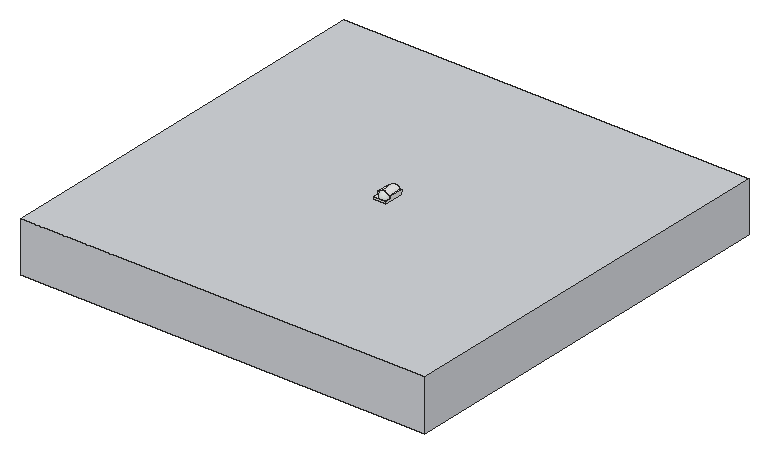
Revit family "Legrand_Lighting_Management_Standalone_Motion_Sensor_140D_Wall_Blister", category Dispositifs d'éclairage, Revit 2020
Family settings
  Hôte = Face
  Conserver l'orientation des annotations = Oui
  Cote de connecteur circulaire = Utiliser le diamètre
  Type d'élément = Normal
  Couper avec des vides une fois chargée = Non
  Partagée = Non
  Point de calcul de pièce = Non
Parameters
  Voltage type = "AC"
  URL = "http://www.legrandoc.com/048945"
  Temperature (MIN) (°C) = -5
  Temperature (MAX) (°C) = 45
  Suitable for wireless transmission = "no"
  Substation input = "no"
  Response value sensitivity adjustable = "no"
  Response value luminosity adjustable = "yes"
  Response value luminosity (MIN) (lx) = 10
  Response value luminosity (MAX) (lx) = 1275
  Remote operation = "no"
  RAL-number (akin) = "9003"
  Product ID = "048945"
  Nominal voltage (V) = "230"
  Mounting method = "Surface mounted (plaster)"
  Model = "Movement sensor"
  Min. switch-on time (s) = "10"
  Maximum mounting height (m) = "2.5"
  Max. switching power (W) = 1000
  Max. starting current (A) = "4.3"
  Max. duty cycle (mn) = "16"
  Label [instance] = no
  Indication distance [instance] = 8 mm
  Image du type = PH5.jpg
  HVAC-control = "no"
  General Conditions of Use = "https://export.legrand.com/en/terms-of-use-BIM-objects"
  Frequency (MIN) (Hz) = 50
  Frequency (MAX) (Hz) = 60
  Forced switch off = "no"
  Fabricant = "LEGRAND"
  Elévation par défaut = 2500 mm
  ETIM-5.0 Class = "EC000133"
  Dim function with dimmer basic element = "no"
  Detection zone [instance] = no
  Detection angle horizontal (MIN) (°) = 0
  Detection angle horizontal (MAX) (°) = 180
  Description = "PIR MOTION SENSOR 140D WALL SURFACE MOUNT IP42 BLISTER"
  Degree of protection (IP) = "IP42"
  Constant light control = "yes"
  Colour = "White"
  Code d'assemblage = "D5010200"
  Alarm function = "no"
Reference planes
  plane 1 "Centre (avant/arrière)": y = 0
  plane 2: z = 0
  plane 3 "Centre (gauche/droite)": x = 0
Forms (mm)
  Extrusion 1, solid
    sketch origin (0, 0, 0) x (1, 0, 0) y (0, 1, 0)
      loop
        line (-1219.2, 1219.2) -> (-1219.2, -1219.2) -> (1219.2, -1219.2) -> (1219.2, 1219.2) -> (-1219.2, 1219.2)
    from 0 to -304.8
Dimensions and locks
  aligned and locked: plane 2 to Extrusion 1
  aligned and locked: level to Extrusion 1
Nested families
  nested 1: "048942" at (0, 0, 0), type "048942"
  nested 2: "Zone de detection 8mx8m- plan" at (0, 0, 0) x (0, 0, 1) z (0, -1, 0), visible <- "Detection zone", type "Zone de detection 8mx8m- plan"
  nested 3: "Symbole D" at (0, 23.5, 0), type "Symbole D"
  nested 4: "Détection 140° EN" at (0, 178.218, 0), visible <- "Label", Indication distance <- "Indication distance", type "Détection 140° EN"
    with Indication distance 8 mm
Connectors
  electrical at (0, 21, 0)
    settings: on nested 1, index 1, voltage 230 V, apparent load 0 VA, apparent load phase1 0 VA, apparent load phase2 0 VA, apparent load phase3 0 VA, power factor 1, load classification "Autre", number of poles 1, system type 31, power factor state 1, is connector primary yes, connector utility no, sub classification motor no, connector description ""
Definition of nested family "048942"
  Parameters (values of type "048942")
    built-in parameter 1140140 [instance] = 1 (stored number, unit not read)
    Default Elevation = 0 mm
    built-in parameter 1140142 [instance] = -1
    built-in parameter 1155100 [instance] = -1
  Reference planes
    plane 1 "Centre (avant/arrière)": y = 0
    plane 2: z = 0
    plane 3 "Centre (gauche/droite)": x = 0
  Forms (mm)
    Revolve 1, solid
      sketch origin (0, -33.5, 10) x (1, 0, 0) y (0, 1, 0)
        loop
          arc (-30.39, 33.5) -> (-19.963, 14.957) -> (0, 7.605) r 30.78
          line (0, 7.605) -> (0, 33.5) -> (-30.39, 33.5)
        axis (0, 33.5) -> (0, 7.605)
      angle from -180 to 0
    Extrusion 2, solid
      sketch origin (0, -33.5, 0) x (0, 0, -1) y (0, 1, 0)
        loop
          line (-26.058, 114) -> (-26.058, 33.5) -> (-10, 33.5) -> (-10, 0) -> (0, 0) -> (0, 109) -> (-15.894, 109) -> (-15.894, 114) -> (-26.058, 114)
      from -38.5 to 38.5
    Extrusion 3, solid
      sketch origin (0, -33.5, 0) x (1, 0, 0) y (0, 0, -1)
        loop
          arc (-28.129, -26.058) -> (0, -42.39) -> (28.129, -26.058) r 32.39
          line (28.129, -26.058) -> (-28.129, -26.058)
      from 33.5 to 114
  Cuts and joins
    joined: Extrusion 2, Extrusion 3
  Dimensions and locks
    aligned and locked: level to plane 2
Definition of nested family "Zone de detection 8mx8m- plan"
  Reference planes
    plane 1 "Centre (avant/arrière)": y = 0
    plane 2: z = 0
    plane 3 "Centre (gauche/droite)": x = 0
  Lines and regions (mm)
    detail lines, in view "Niveau de réf."
      curve 1: line (0, 0, 0) -> (721.302, 3710.78, 0)
      curve 2: arc (721.302, 3710.78, 0) -> (2441.116, 3995.524, 0) -> (4177.517, 3841.424, 0) r 6919.682
      curve 3: arc (4177.517, 3841.424, 0) -> (5129.358, 3552.591, 0) -> (6023.197, 3116.154, 0) r 6238.805
      curve 4: arc (7539.88, 1630.18, 0) -> (6874.01, 2467.549, 0) -> (6023.197, 3116.154, 0) r 4331.154
      curve 5: arc (7539.88, 1630.18, 0) -> (7881.502, 846.673, 0) -> (7998.686, 0, 0) r 3133.455
      curve 6: line (0, 0, 0) -> (721.302, -3710.78, 0)
      curve 7: arc (721.302, -3710.78, 0) -> (2441.116, -3995.524, 0) -> (4177.517, -3841.424, 0) r 6919.682
      curve 8: arc (4177.517, -3841.424, 0) -> (5129.358, -3552.591, 0) -> (6023.197, -3116.154, 0) r 6238.805
      curve 9: arc (7539.88, -1630.18, 0) -> (6874.01, -2467.549, 0) -> (6023.197, -3116.154, 0) r 4331.154
      curve 10: arc (7539.88, -1630.18, 0) -> (7881.502, -846.673, 0) -> (7998.686, 0, 0) r 3133.455
Definition of nested family "Symbole D"
  Reference planes
    plane 1: y = 0
    plane 2: x = 0
  Lines and regions (mm)
    detail lines
      curve 1: spline (0.481, 2.356, 0) -> (0.429, 2.16, 0) -> (0.363, 1.989, 0) -> (0.285, 1.851, 0) -> (0.199, 1.748, 0) -> (0.106, 1.685, 0) -> (0.01, 1.664, 0) -> (-0.085, 1.685, 0) -> (-0.178, 1.748, 0) -> (-0.264, 1.851, 0) -> (-0.342, 1.989, 0) -> (-0.408, 2.16, 0) -> (-0.46, 2.356, 0)
      curve 2: arc (0.821, 3.072, 0) -> (-0.004, 3.293, 0) -> (-0.828, 3.072, 0) r 1.643
      curve 3: arc (-0.64, 2.774, 0) -> (0.004, 2.96, 0) -> (0.648, 2.774, 0) r 1.213
      curve 4: arc (-1.023, 3.436, 0) -> (0.005, 3.717, 0) -> (1.032, 3.436, 0) r 2.018
      curve 5: line (-1.042, 0.262, 0) -> (1.042, 0.262, 0)
      curve 6: arc (-0.945, 0.262, 0) -> (0, 1.008, 0) -> (0.945, 0.262, 0) r 0.972
      curve 7: line (-1.042, 0.262, 0) -> (-1.042, 0, 0)
      curve 8: line (-1.042, 0, 0) -> (1.042, 0, 0)
      curve 9: line (1.042, 0, 0) -> (1.042, 0.262, 0)
  Text (mm)
    text "IR" at (0.939, 0.64, 0)
  Dimensions and locks
    aligned and locked: plane 2 to curve 6
    aligned and locked: plane 1 to curve 8
Definition of nested family "Détection 140° EN"
  Parameters (values of type "Détection 140° EN")
    Indication distance [instance] = 0 mm
  Reference planes
    plane 1: y = 0
    plane 2: x = 0
  Text (mm)
    label "140°, Indication distancem front detection at 2.5m height" at (-0.885, 0.234, 0), shows "Indication distance"
